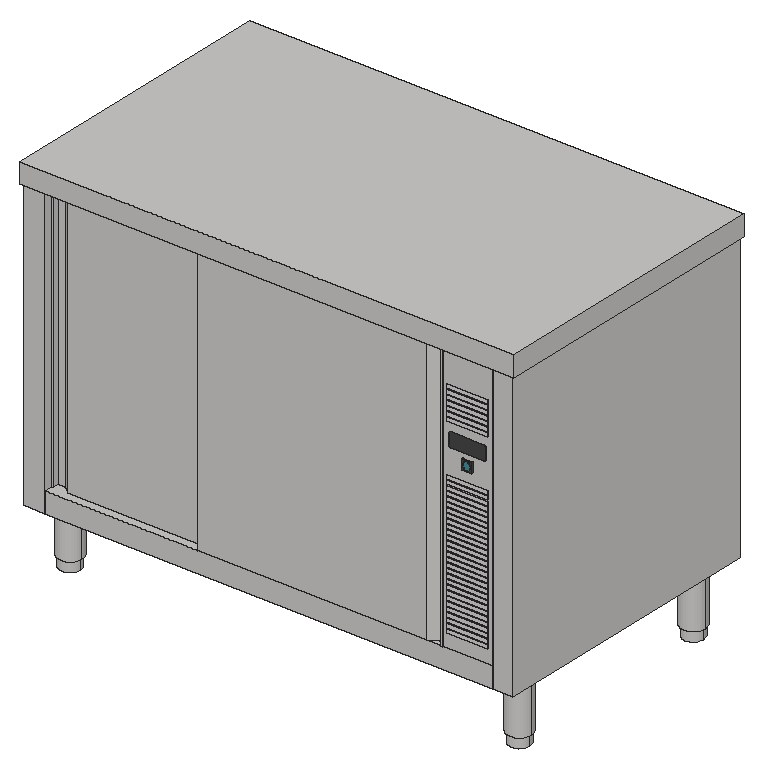
Revit family "QF_ELECTROLUXPROFESSIONAL_132796_MTCD1200PN", category Attrezzature speciali, Revit 2020
Family settings
  Quota connettore circolare = Usa diametro
  Tipo di parte = Normale
  Basato su piano di lavoro = No
  Sempre verticale = Sì
  Taglio con vuoti quando caricato = No
  Condiviso = No
  Punto di calcolo locali = No
Parameters (values of type "Standard")
  Weight = 55.00 kg
  Watts = 2400 W
  Volts = 220 V
  URL Manufacturer = "https://www.electroluxprofessional.com/"
  URL = "https://www.electroluxprofessional.com/"
  Steam Supply Size = 0 mm
  Steam Supply Minimum Pressure = 0.0 Pa
  Steam Supply Maximum Pressure = 0.0 Pa
  Steam Consumption per Hour = 0
  Refrigeration Suction Line Size = 0.0 mm
  Refrigeration Liquid Line Size = 0.0 mm
  Refrigerant Compressor Remote = yes
  Prospetto di default = 0.0 mm
  Produttore = "Electrolux Professional"
  Phase = 1
  Modello = "MTCD1200PN"
  Length Actual = 1200.0 mm  # constant formula
  Item Number = "132796"
  Hot Water Size = 0 mm
  Height Actual = 900.0 mm  # constant formula
  HP = "3.2 HP"
  Gas Size = 0 mm
  Gas KW = 0
  Gas Input Pressure = 0 W
  Direct Waste Size = 0 mm
  Descrizione = "HOT PASST.CUPB.VENT+SHELF+SLIDING D.1200"
  Depth Actual = 700.0 mm  # constant formula
  Cycle = 50 Hz
  Condensate Return Size = 0 mm
  Compressed Air Volume = 0.0 L/s
  Compressed Air Size = 0 mm
  Compressed Air Pressure = 0.0 Pa
  Cold Water Size = 0 mm
  Accessory = yes
Reference planes
  plane 1 "Center (Front/Back)": y = 0
  plane 2: z = 0
  plane 3 "Center (Left/Right)": x = -100
  plane 4 "LEFT": x = -700
  plane 5 "RIGHT": x = 500
  plane 6 "BACK": y = 350
  plane 7 "FRONT": y = -350
  plane 8 "Base": z = 850
  plane 9 "TOP": z = 900
  plane 10: x = -646.5
  plane 11: x = 446.5
  plane 12: y = 264.5
  plane 13: y = -264.5
  plane 14 "BodyLeft": x = -694.5
  plane 15 "BodyFront": y = -344.5
  plane 16 "BodyRight": x = 494.5
  plane 17 "BodyBack": y = 344.5
  plane 18 "FEET": z = 150
  plane 19: x = 324.5
  plane 20: x = -161
  plane 21: x = 444.5
  plane 22: x = 400
  plane 23: y = -170
Forms (mm)
  Extrusion 1, solid, material "QF_Finishes_Stainless Steel"
    sketch origin (-100, 0, 0) x (0, 1, 0) y (0, 0, 1)
      loop
        line (-350, 850) -> (350, 850) -> (350, 900) -> (-350, 900) -> (-350, 850)
    from 600 to -600
  Extrusion 2, solid, material "QF_Finishes_Stainless Steel"
    sketch origin (0, 0, 150) x (-1, 0, 0) y (0, -1, 0)
      loop
        line (694.5, -344.5) -> (694.5, 344.5) -> (644.5, 344.5) -> (644.5, -344.5) -> (694.5, -344.5)
      loop
        line (-444.5, -344.5) -> (-444.5, 344.5) -> (-494.5, 344.5) -> (-494.5, -344.5) -> (-444.5, -344.5)
    from 0 to 700
  Extrusion 3, solid, material "QF_Finishes_Stainless Steel"
    sketch origin (0, 0, 150) x (-1, 0, 0) y (0, -1, 0)
      loop
        line (644.5, -344.5) -> (644.5, 344.5) -> (-444.5, 344.5) -> (-444.5, -344.5) -> (644.5, -344.5)
    from 0 to 50
  Extrusion 4, solid, material "QF_Finishes_Stainless Steel"
    sketch origin (-1, 0, 150) x (-1, 0, 0) y (0, -1, 0)
      loop
        line (-325.5, 344.5) -> (-325.5, 324.5) -> (270.5, 324.5) -> (270.5, 344.5) -> (-285.5, 344.5) -> (-305.5, 329.5) -> (-320.5, 329.5) -> (-320.5, 344.5) -> (-325.5, 344.5)
    from 50 to 700
  Extrusion 5, solid, material "QF_Finishes_Stainless Steel"
    sketch origin (1, 20, 150) x (1, 0, 0) y (0, 1, 0)
      loop
        line (-645.5, -344.5) -> (-640.5, -344.5) -> (-640.5, -329.5) -> (-625.5, -329.5) -> (-605.5, -344.5) -> (-51.5, -344.5) -> (-51.5, -324.5) -> (-645.5, -324.5) -> (-645.5, -344.5)
    from 50 to 700
  Extrusion 6, solid, material "QF_Finishes_Stainless Steel"
    sketch origin (0, 0, 0) x (1, 0, 0) y (0, 1, 0)
      loop
        line (-644.5, -304.5) -> (324.5, -304.5) -> (324.5, 304.5) -> (-644.5, 304.5) -> (-644.5, -304.5)
    from 500 to 540
  Extrusion 7, solid, material "QF_Finishes_Stainless Steel"
    sketch origin (-1, 0, 150) x (-1, 0, 0) y (0, -1, 0)
      loop
        line (-325.5, -344.5) -> (-320.5, -344.5) -> (-320.5, -329.5) -> (-305.5, -329.5) -> (-285.5, -344.5) -> (270.5, -344.5) -> (270.5, -324.5) -> (-325.5, -324.5) -> (-325.5, -344.5)
    from 50 to 700
  Extrusion 8, solid, material "QF_Finishes_Stainless Steel"
    sketch origin (1, -20, 150) x (1, 0, 0) y (0, 1, 0)
      loop
        line (-645.5, 344.5) -> (-645.5, 324.5) -> (-51.5, 324.5) -> (-51.5, 344.5) -> (-605.5, 344.5) -> (-625.5, 329.5) -> (-640.5, 329.5) -> (-640.5, 344.5) -> (-645.5, 344.5)
    from 50 to 700
  Extrusion 9, solid, material "QF_Finishes_Stainless Steel"
    sketch origin (0, 0, 0) x (1, 0, 0) y (0, 1, 0)
      loop
        line (444.5, 344.5) -> (324.5, 344.5) -> (324.5, 324.5) -> (444.5, 324.5) -> (444.5, 344.5)
    from 200 to 850
  Extrusion 10, solid, material "QF_Finishes_Stainless Steel"
    sketch origin (0, 0, 150) x (-1, 0, 0) y (0, -1, 0)
      loop
        circle (-400, 170) r 10
    from 0 to -5
Cuts and joins
  joined: Extrusion 3, Extrusion 9
Lines and regions (mm)
  symbolic lines
    curve 1: line (500, 350, 900) -> (-700, 350, 900)
    curve 2: line (-700, 350, 900) -> (-700, -350, 900)
    curve 3: line (-700, -350, 900) -> (500, -350, 900)
    curve 4: line (500, -350, 900) -> (500, 350, 900)
    curve 5: line (-700, 337, 900) -> (500, 337, 900)
  symbolic lines, style "SpecialityEquipmentHiddenLines"
    curve 6: line (-694.5, 344.5, 150) -> (494.5, 344.5, 150)
    curve 7: line (-694.5, -344.5, 150) -> (-694.5, 344.5, 150)
    curve 8: line (494.5, -344.5, 150) -> (-694.5, -344.5, 150)
    curve 9: line (494.5, 344.5, 150) -> (494.5, -344.5, 150)
    curve 10: line (-645.5, -304.5, 150) -> (-49.5, -304.5, 150)
    curve 11: line (-49.5, -304.5, 150) -> (-49.5, -324.5, 150)
    curve 12: line (-645.5, -324.5, 150) -> (444.5, -324.5, 150)
    curve 13: line (444.5, -324.5, 150) -> (444.5, -344.5, 150)
    curve 14: line (-645.5, -304.5, 150) -> (-645.5, -324.5, 150)
    curve 15: line (-271.5, -344.5, 0) -> (-271.5, -324.5, 0)
    curve 16: line (-645.5, 304.5, 150) -> (-49.5, 304.5, 150)
    curve 17: line (-645.5, 324.5, 150) -> (444.5, 324.5, 150)
    curve 18: line (-271.5, 344.5, 0) -> (-271.5, 324.5, 0)
    curve 19: line (-50.5, 304.5, 0) -> (-50.5, 324.5, 0)
Dimensions and locks
  plane 4 "LEFT" to plane 5 "RIGHT" = 1200.0 mm
  equal spacing: plane 4 "LEFT", plane 3 "Center (Left/Right)", plane 5 "RIGHT"
  locked: plane 8 "Base" to level at 850
  locked: plane 9 "TOP" to level at 900
  plane 6 "BACK" to plane 7 "FRONT" = 700.0 mm
  equal spacing: plane 6 "BACK", plane 1 "Center (Front/Back)", plane 7 "FRONT"
  locked: plane 4 "LEFT" to plane 14 "BodyLeft" at 5.5
  locked: plane 16 "BodyRight" to plane 5 "RIGHT" at 5.5
  locked: plane 15 "BodyFront" to plane 7 "FRONT" at 5.5
  locked: plane 6 "BACK" to plane 17 "BodyBack" at 5.5
  locked: plane 14 "BodyLeft" to plane 10 at 48
  locked: plane 11 to plane 16 "BodyRight" at 48
  locked: plane 13 to plane 15 "BodyFront" at 80
  locked: plane 17 "BodyBack" to plane 12 at 80
  plane 10 to plane 11 = 1093.0 mm
  plane 12 to plane 13 = 529.0 mm
  locked: plane 14 "BodyLeft" to Extrusion 2 sketch curve at 50
  locked: Extrusion 2 sketch curve to Extrusion 2 sketch curve at 50
  equal spacing: plane 10, plane 20, plane 19
  locked: plane 21 to plane 16 "BodyRight" at 50
  locked: plane 19 to plane 21 at 120
  locked: Extrusion 4 sketch curve to plane 20 at 110.5
  locked: plane 20 to Extrusion 5 sketch curve at 110.5
  locked: plane 18 "FEET" to level at 150
  locked: plane 22 to plane 5 "RIGHT" at 100
  locked: plane 23 to plane 7 "FRONT" at 180
  aligned and locked: level to plane 2
  aligned and locked: plane 10 to nested 1
  aligned and locked: nested 1 to plane 13
  aligned and locked: plane 11 to nested 2
  aligned and locked: nested 2 to plane 13
  aligned and locked: plane 11 to nested 4
  aligned and locked: nested 4 to plane 12
  aligned and locked: plane 10 to nested 3
  aligned and locked: nested 3 to plane 12
  aligned and locked: Extrusion 1 to plane 4 "LEFT"
  aligned and locked: plane 5 "RIGHT" to Extrusion 1
  aligned and locked: curve 2 to plane 4 "LEFT"
  aligned and locked: plane 17 "BodyBack" to Extrusion 2 sketch curve
  aligned and locked: Extrusion 2 sketch curve to plane 15 "BodyFront"
  aligned and locked: Extrusion 2 sketch curve to plane 14 "BodyLeft"
  aligned and locked: plane 16 "BodyRight" to Extrusion 2 sketch curve
  aligned and locked: Extrusion 2 sketch curve to plane 17 "BodyBack"
  aligned and locked: plane 15 "BodyFront" to Extrusion 2 sketch curve
  aligned and locked: Extrusion 3 sketch curve to plane 17 "BodyBack"
  aligned and locked: plane 15 "BodyFront" to Extrusion 3 sketch curve
  aligned and locked: plane 8 "Base" to Extrusion 2
  aligned and locked: plane 8 "Base" to Extrusion 4
  aligned and locked: Extrusion 4 to Extrusion 3
  aligned and locked: Extrusion 1 to plane 8 "Base"
  aligned and locked: plane 9 "TOP" to Extrusion 1
  aligned and locked: curve 6 to plane 17 "BodyBack"
  aligned and locked: plane 14 "BodyLeft" to curve 7
  aligned and locked: plane 15 "BodyFront" to curve 8
  aligned and locked: plane 16 "BodyRight" to curve 9
  aligned and locked: Extrusion 3 to Extrusion 2  (x2)
  aligned and locked: Extrusion 6 sketch curve to Extrusion 2
  aligned and locked: Extrusion 6 sketch curve to Extrusion 5
  aligned and locked: curve 19 to Extrusion 8
  aligned and locked: curve 18 to Extrusion 7
  aligned and locked: nested 5 to plane 21
  aligned and locked: Extrusion 6 sketch curve to plane 19
Automatic sketch dimensions
  Extrusion 7 sketch curve to plane 19 = 0.0 mm
  Extrusion 7 sketch curve to plane 17 "BodyBack" = 0.0 mm  (x2)
  Extrusion 7 sketch curve to Extrusion 7 sketch curve = 5.0 mm
  Extrusion 7 sketch curve to Extrusion 7 sketch curve = 15.0 mm
  Extrusion 7 sketch curve to Extrusion 7 sketch curve = 20.0 mm
  plane 17 "BodyBack" to Extrusion 7 sketch curve = 20.0 mm
  plane 20 to Extrusion 7 sketch curve = 110.5 mm
  plane 17 "BodyBack" to Extrusion 7 sketch curve = 15.0 mm
  curve 15 to plane 15 "BodyFront" = 0.0 mm
  plane 15 "BodyFront" to curve 15 = 20.0 mm
  curve 15 to plane 20 = 110.5 mm
  curve 3 to plane 7 "FRONT" = 0.0 mm
  curve 5 to plane 5 "RIGHT" = 0.0 mm
  curve 4 to plane 6 "BACK" = 0.0 mm
  curve 5 to plane 17 "BodyBack" = 7.5 mm
  Extrusion 1 sketch curve to plane 7 "FRONT" = 0.0 mm
  Extrusion 1 sketch curve to plane 6 "BACK" = 0.0 mm
  Extrusion 1 sketch curve to plane 8 "Base" = 0.0 mm
  Extrusion 1 sketch curve to plane 9 "TOP" = 0.0 mm
  Extrusion 3 sketch curve to plane 21 = 0.0 mm
  plane 10 to Extrusion 3 sketch curve = 2.0 mm
  Extrusion 4 sketch curve to plane 19 = 0.0 mm
  Extrusion 4 sketch curve to plane 15 "BodyFront" = 0.0 mm  (x2)
  Extrusion 4 sketch curve to Extrusion 4 sketch curve = 5.0 mm
  Extrusion 4 sketch curve to Extrusion 4 sketch curve = 15.0 mm  (x2)
  Extrusion 4 sketch curve to Extrusion 4 sketch curve = 20.0 mm  (x2)
  Extrusion 5 sketch curve to plane 15 "BodyFront" = 20.0 mm  (x2)
  Extrusion 5 sketch curve to plane 10 = 42.0 mm
  Extrusion 5 sketch curve to plane 10 = 22.0 mm
  Extrusion 5 sketch curve to plane 10 = 7.0 mm
  Extrusion 5 sketch curve to plane 10 = 2.0 mm
  Extrusion 5 sketch curve to Extrusion 5 sketch curve = 15.0 mm
  Extrusion 5 sketch curve to Extrusion 5 sketch curve = 20.0 mm
  curve 13 to plane 21 = 0.0 mm
  curve 17 to plane 21 = 0.0 mm
  curve 8 to plane 15 "BodyFront" = 0.0 mm
  plane 3 "Center (Left/Right)" to curve 10 = 50.5 mm
  plane 10 to curve 12 = 1.0 mm
  plane 15 "BodyFront" to curve 10 = 40.0 mm
  curve 12 to curve 13 = 20.0 mm
  plane 3 "Center (Left/Right)" to curve 16 = 50.5 mm
  plane 10 to curve 17 = 1.0 mm
  plane 10 to curve 16 = 1.0 mm
  curve 17 to plane 17 "BodyBack" = 20.0 mm
  plane 12 to curve 16 = 40.0 mm
  plane 12 to Extrusion 6 sketch curve = 40.0 mm
  plane 10 to Extrusion 8 sketch curve = 2.0 mm
  Extrusion 8 sketch curve to Extrusion 8 sketch curve = 5.0 mm
  Extrusion 8 sketch curve to Extrusion 8 sketch curve = 15.0 mm  (x2)
  Extrusion 8 sketch curve to plane 17 "BodyBack" = 20.0 mm  (x2)
  Extrusion 8 sketch curve to Extrusion 8 sketch curve = 20.0 mm  (x2)
  plane 3 "Center (Left/Right)" to Extrusion 8 sketch curve = 49.5 mm
  curve 18 to plane 17 "BodyBack" = 0.0 mm
  curve 18 to plane 17 "BodyBack" = 20.0 mm
  plane 12 to curve 19 = 40.0 mm
  curve 19 to curve 19 = 20.0 mm
  Extrusion 9 sketch curve to plane 17 "BodyBack" = 0.0 mm
  Extrusion 9 sketch curve to plane 19 = 0.0 mm
  Extrusion 9 sketch curve to plane 21 = 0.0 mm
  Extrusion 9 sketch curve to plane 17 "BodyBack" = 20.0 mm
  Extrusion 10 sketch curve to plane 22 = 0.0 mm
  Extrusion 10 sketch curve to plane 23 = 0.0 mm
  radius of Extrusion 10 sketch curve = 10.0 mm
Nested families
  nested 1: "FEET_D58-150" at (-646.5, -264.5, 0), type "FEET_D58-150"
  nested 2: "FEET_D58-150" at (446.5, -264.5, 0), type "FEET_D58-150"
  nested 3: "FEET_D58-150" at (-646.5, 264.5, 0), type "FEET_D58-150"
  nested 4: "FEET_D58-150" at (446.5, 264.5, 0), type "FEET_D58-150"
  nested 5: "WT_PNL120x650" at (531.42, -304.5, 600) x (1, 0, 0) z (0, -1, 0), type "WT_PNL120x650"
    with Show Logo yes
Connectors
  electrical at (400, -170, 145)
    settings: on Extrusion 10, index 1, voltage 0 V, apparent load 0 VA, apparent load phase1 0 VA, apparent load phase2 0 VA, apparent load phase3 0 VA, power factor 1, load classification "Other", number of poles 1, system type 30, power factor state 1, is connector primary yes, connector utility no, sub classification motor no, connector description "Electrical connection"
Definition of nested family "FEET_D58-150"
  Parameters
    Default Elevation = 0.0 mm
    FEET = 150.0 mm
  Reference planes
    plane 1 "Center (Front/Back)": y = 0
    plane 2: z = 0
    plane 3 "Center (Left/Right)": x = 0
    plane 4: z = 150
  Forms (mm)
    Extrusion 1, solid
      sketch origin (0, 0, 0) x (1, 0, 0) y (0, 1, 0)
        loop
          circle (0, 0) r 25
      from 0 to 25
    Extrusion 2, solid
      sketch origin (0, 0, 0) x (1, 0, 0) y (0, 1, 0)
        loop
          circle (0.061, 0) r 29
      from 25 to 150 <- "FEET"
  Lines and regions (mm)
    symbolic lines
      curve 1: line (0, -1.503, 0) -> (0, 1.508, 0)
      curve 2: line (1.561, 0, 0) -> (-1.439, 0, 0)
  Dimensions and locks
    "FEET": plane 4 to plane 2
    aligned and locked: level to plane 2
  Automatic sketch dimensions
    plane 1 "Center (Front/Back)" to Extrusion 1 sketch curve = 0.0 mm
    Extrusion 1 sketch curve to plane 3 "Center (Left/Right)" = 0.0 mm
    plane 1 "Center (Front/Back)" to curve 2 = 0.0 mm
    curve 1 to plane 3 "Center (Left/Right)" = 0.0 mm
    curve 2 to plane 3 "Center (Left/Right)" = 1.439 mm
    plane 3 "Center (Left/Right)" to curve 2 = 1.561 mm
    plane 1 "Center (Front/Back)" to curve 1 = 1.503 mm
    curve 1 to plane 1 "Center (Front/Back)" = 1.508 mm
    plane 1 "Center (Front/Back)" to Extrusion 2 sketch curve = 0.0 mm
    plane 3 "Center (Left/Right)" to Extrusion 2 sketch curve = 0.061 mm
    radius of Extrusion 1 sketch curve = 25.0 mm
    radius of Extrusion 2 sketch curve = 29.0 mm
Definition of nested family "WT_PNL120x650"
  Parameters
    Show Logo [instance] = yes
    Default Elevation = 1219.2 mm
  Reference planes
    plane 1 "Center (Front/Back)": y = -75
    plane 2: z = 0
    plane 3 "Center (Left/Right)": x = -146.92
    plane 4: x = -206.92
    plane 5: x = -86.92
    plane 6: y = 250
    plane 7: y = -400
    plane 8 "TOP": z = 40
  Forms (mm)
    Extrusion 1, solid
      sketch origin (0, 0, 0) x (1, 0, 0) y (0, 1, 0)
        loop
          line (-1219.2, 1219.2) -> (-1219.2, -1219.2) -> (1219.2, -1219.2) -> (1219.2, 1219.2) -> (-1219.2, 1219.2)
      from 0 to -304.8
    Extrusion 2, solid
      sketch origin (0, 0, 0) x (1, 0, 0) y (0, 1, 0)
        loop
          line (-206.92, 250) -> (-206.92, -400) -> (-86.92, -400) -> (-86.92, 250) -> (-206.92, 250)
      from 0 to 40
    Extrusion 3, void
      sketch origin (0, 0, 40) x (-1, 0, 0) y (0, -1, 0)
        loop
          arc (101.92, -68.899) -> (103.795, -73.256) -> (108.247, -74.89) r 6
          line (108.247, -74.89) -> (185.92, -74.89)
          arc (185.92, -74.89) -> (190.163, -73.133) -> (191.92, -68.89) r 6
          line (191.92, -68.89) -> (191.92, -45.89)
          arc (191.92, -45.89) -> (190.163, -41.648) -> (185.92, -39.89) r 6
          line (185.92, -39.89) -> (107.92, -39.89)
          arc (107.92, -39.89) -> (103.677, -41.648) -> (101.92, -45.89) r 6
          line (101.92, -45.89) -> (101.92, -68.899)
        loop
          line (158.92, -27.89) -> (158.92, -2.89) -> (134.92, -2.89) -> (134.92, -27.89) -> (158.92, -27.89)
      from -2 to 0
    Extrusion 4, solid
      sketch origin (0, 0, 40) x (-1, 0, 0) y (0, -1, 0)
        loop
          line (185.92, -39.89) -> (107.92, -39.89)
          arc (107.92, -39.89) -> (103.677, -41.648) -> (101.92, -45.89) r 6
          line (101.92, -45.89) -> (101.92, -68.899)
          arc (101.92, -68.899) -> (103.795, -73.256) -> (108.247, -74.89) r 6
          line (108.247, -74.89) -> (185.92, -74.89)
          arc (185.92, -74.89) -> (190.163, -73.133) -> (191.92, -68.89) r 6
          line (191.92, -68.89) -> (191.92, -45.89)
          arc (191.92, -45.89) -> (190.163, -41.648) -> (185.92, -39.89) r 6
      from -2 to 1
    Extrusion 5, solid
      sketch origin (-146.92, 0, 0) x (0, 1, 0) y (0, 0, 1)
        loop
          line (95.896, 40) -> (104.899, 40) -> (95.896, 41.206) -> (95.896, 40)
        loop
          line (107.896, 40) -> (116.899, 40) -> (107.896, 41.206) -> (107.896, 40)
        loop
          line (119.896, 40) -> (128.899, 40) -> (119.896, 41.206) -> (119.896, 40)
        loop
          line (131.896, 40) -> (140.899, 40) -> (131.896, 41.206) -> (131.896, 40)
        loop
          line (143.896, 40) -> (152.899, 40) -> (143.896, 41.206) -> (143.896, 40)
        loop
          line (155.896, 40) -> (164.899, 40) -> (155.896, 41.206) -> (155.896, 40)
        loop
          line (167.896, 40) -> (176.899, 40) -> (167.896, 41.206) -> (167.896, 40)
        loop
          line (-102.104, 40) -> (-93.101, 40) -> (-102.104, 41.206) -> (-102.104, 40)
        loop
          line (-90.104, 40) -> (-81.101, 40) -> (-90.104, 41.206) -> (-90.104, 40)
        loop
          line (-78.104, 40) -> (-69.101, 40) -> (-78.104, 41.206) -> (-78.104, 40)
        loop
          line (-66.104, 40) -> (-57.101, 40) -> (-66.104, 41.206) -> (-66.104, 40)
        loop
          line (-54.104, 40) -> (-45.101, 40) -> (-54.104, 41.206) -> (-54.104, 40)
        loop
          line (-42.104, 40) -> (-33.101, 40) -> (-42.104, 41.206) -> (-42.104, 40)
        loop
          line (-30.104, 40) -> (-21.101, 40) -> (-30.104, 41.206) -> (-30.104, 40)
        loop
          line (-174.104, 40) -> (-165.101, 40) -> (-174.104, 41.206) -> (-174.104, 40)
        loop
          line (-162.104, 40) -> (-153.101, 40) -> (-162.104, 41.206) -> (-162.104, 40)
        loop
          line (-150.104, 40) -> (-141.101, 40) -> (-150.104, 41.206) -> (-150.104, 40)
        loop
          line (-138.104, 40) -> (-129.101, 40) -> (-138.104, 41.206) -> (-138.104, 40)
        loop
          line (-126.104, 40) -> (-117.101, 40) -> (-126.104, 41.206) -> (-126.104, 40)
        loop
          line (-114.104, 40) -> (-105.101, 40) -> (-114.104, 41.206) -> (-114.104, 40)
        loop
          line (-246.104, 40) -> (-237.101, 40) -> (-246.104, 41.206) -> (-246.104, 40)
        loop
          line (-234.104, 40) -> (-225.101, 40) -> (-234.104, 41.206) -> (-234.104, 40)
        loop
          line (-222.104, 40) -> (-213.101, 40) -> (-222.104, 41.206) -> (-222.104, 40)
        loop
          line (-210.104, 40) -> (-201.101, 40) -> (-210.104, 41.206) -> (-210.104, 40)
        loop
          line (-198.104, 40) -> (-189.101, 40) -> (-198.104, 41.206) -> (-198.104, 40)
        loop
          line (-186.104, 40) -> (-177.101, 40) -> (-186.104, 41.206) -> (-186.104, 40)
        loop
          line (-318.104, 40) -> (-309.101, 40) -> (-318.104, 41.206) -> (-318.104, 40)
        loop
          line (-306.104, 40) -> (-297.101, 40) -> (-306.104, 41.206) -> (-306.104, 40)
        loop
          line (-294.104, 40) -> (-285.101, 40) -> (-294.104, 41.206) -> (-294.104, 40)
        loop
          line (-282.104, 40) -> (-273.101, 40) -> (-282.104, 41.206) -> (-282.104, 40)
        loop
          line (-270.104, 40) -> (-261.101, 40) -> (-270.104, 41.206) -> (-270.104, 40)
        loop
          line (-258.104, 40) -> (-249.101, 40) -> (-258.104, 41.206) -> (-258.104, 40)
        loop
          line (-366.104, 40) -> (-357.101, 40) -> (-366.104, 41.206) -> (-366.104, 40)
        loop
          line (-354.104, 40) -> (-345.101, 40) -> (-354.104, 41.206) -> (-354.104, 40)
        loop
          line (-342.104, 40) -> (-333.101, 40) -> (-342.104, 41.206) -> (-342.104, 40)
        loop
          line (-330.104, 40) -> (-321.101, 40) -> (-330.104, 41.206) -> (-330.104, 40)
      from -50 to 50
    Extrusion 6, solid
      sketch origin (0, 0, 40) x (-1, 0, 0) y (0, -1, 0)
        loop
          line (134.92, -27.89) -> (158.92, -27.89) -> (158.92, -2.89) -> (134.92, -2.89) -> (134.92, -27.89)
        loop
          circle (146.92, -15.39) r 9
      from -2 to 3
    Extrusion 7, solid
      sketch origin (0, 0, 40) x (-1, 0, 0) y (0, -1, 0)
        loop
          circle (146.92, -15.39) r 9
      from 0 to 3
  Cuts and joins
    Extrusion 3 cuts Extrusion 2
  Dimensions and locks
    equal spacing: plane 6, plane 1 "Center (Front/Back)", plane 7
    equal spacing: plane 4, plane 3 "Center (Left/Right)", plane 5
    plane 8 "TOP" to level = 40.0 mm
    aligned and locked: plane 2 to Extrusion 1
    aligned and locked: level to Extrusion 1
  Automatic sketch dimensions
    Extrusion 1 sketch curve to Extrusion 1 sketch curve = 2438.4 mm  (x2)
    Extrusion 2 sketch curve to plane 4 = 0.0 mm
    Extrusion 2 sketch curve to plane 5 = 0.0 mm
    Extrusion 2 sketch curve to plane 7 = 0.0 mm
    Extrusion 2 sketch curve to plane 6 = 0.0 mm
    Extrusion 5 sketch curve to plane 8 "TOP" = 0.0 mm  (x36)
    Extrusion 5 sketch curve to Extrusion 5 sketch curve = 9.003 mm  (x35)
    plane 8 "TOP" to Extrusion 5 sketch curve = 1.206 mm  (x22)
    Extrusion 5 sketch curve to Extrusion 5 sketch curve = 2.997 mm  (x33)
    plane 1 "Center (Front/Back)" to Extrusion 5 sketch curve = 6.101 mm
    plane 1 "Center (Front/Back)" to Extrusion 5 sketch curve = 3.104 mm
    Extrusion 5 sketch curve to plane 1 "Center (Front/Back)" = 5.899 mm
    Extrusion 5 sketch curve to Extrusion 5 sketch curve = 116.997 mm
    Extrusion 5 sketch curve to Extrusion 5 sketch curve = 1.206 mm  (x14)
    Extrusion 4 sketch curve to plane 5 = 15.0 mm
    Extrusion 4 sketch curve to Extrusion 4 sketch curve = 6.0 mm  (x3)
    Extrusion 4 sketch curve to Extrusion 4 sketch curve = 0.327 mm
    plane 4 to Extrusion 4 sketch curve = 21.0 mm  (x2)
    Extrusion 4 sketch curve to plane 1 "Center (Front/Back)" = 149.89 mm
    Extrusion 4 sketch curve to Extrusion 4 sketch curve = 23.009 mm
    Extrusion 3 sketch curve to plane 5 = 15.0 mm
    Extrusion 3 sketch curve to Extrusion 3 sketch curve = 6.0 mm  (x3)
    Extrusion 3 sketch curve to Extrusion 3 sketch curve = 0.327 mm
    plane 3 "Center (Left/Right)" to Extrusion 3 sketch curve = 12.0 mm
    Extrusion 3 sketch curve to plane 3 "Center (Left/Right)" = 12.0 mm
    plane 4 to Extrusion 3 sketch curve = 21.0 mm  (x2)
    Extrusion 3 sketch curve to plane 1 "Center (Front/Back)" = 149.89 mm
    Extrusion 3 sketch curve to Extrusion 3 sketch curve = 23.0 mm
    Extrusion 3 sketch curve to Extrusion 3 sketch curve = 12.0 mm
    Extrusion 3 sketch curve to Extrusion 3 sketch curve = 25.0 mm
    Extrusion 6 sketch curve to plane 3 "Center (Left/Right)" = 0.0 mm
    plane 3 "Center (Left/Right)" to Extrusion 6 sketch curve = 12.0 mm
    Extrusion 6 sketch curve to plane 3 "Center (Left/Right)" = 12.0 mm
    Extrusion 6 sketch curve to plane 1 "Center (Front/Back)" = 102.89 mm
    Extrusion 6 sketch curve to Extrusion 6 sketch curve = 12.5 mm  (x2)
    Extrusion 7 sketch curve to plane 3 "Center (Left/Right)" = 0.0 mm
    Extrusion 7 sketch curve to plane 1 "Center (Front/Back)" = 90.39 mm
    radius of Extrusion 6 sketch curve = 9.0 mm
    radius of Extrusion 7 sketch curve = 9.0 mm
